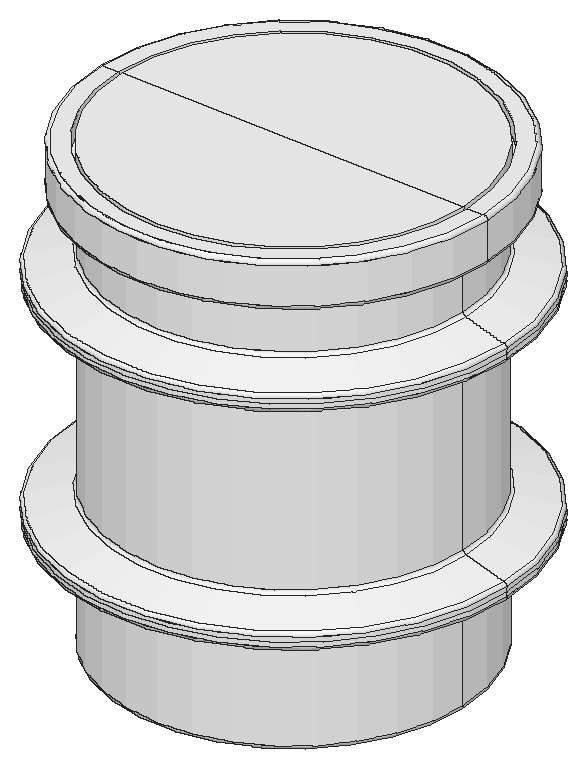
Revit family "C1300-MF", category Plumbing Fixtures, host Face, Revit 2022
Family settings
  Host = Face
  Round Connector Dimension = Use Radius
  Part Type = Normal
  OmniClass Number = 23.45.55.21
  OmniClass Title = Drains (Wastes)
  Cut with Voids When Loaded = No
  Maintain Annotation Orientation = No
  Shared = No
  Room Calculation Point = No
Parameters
  WFU = 0
  URL = "WWW.MIFAB.COM"
  Strainer Radius = Stainer Diameter / 2  # 5.000"
  Stainer Diameter = 10.000"
  Pipe Radius = Pipe Diameter / 2  # 4.375"
  Pipe Diameter = 8.750"
  Model = "C1300-MF"
  Manufacturer = "MIFAB"
  Floor Drain Material = Paint - Sherwin Williams Paint - #952C2A - Bellwood Red
  Description = "HEAVY DUTY ACCESS HOUSING WITH ANCHOR FLANGES"
  Default Elevation = 0.000"
  Body Height = 11.625"
Reference planes (in)
  plane 1 "Center (Front/Back)": y = 0
  plane 2: z = 0
  plane 3 "Center (Left/Right)": x = 0
  plane 4: x = -5
  plane 5: x = 5
  plane 6: z = -11.625
  plane 7: x = -4.375
  plane 8: x = 4.375
  plane 9: x = -2.31968
  plane 10: x = 2.31968
Forms (in)
  Revolve 1, solid, material "Paint - Sherwin Williams Paint - #952C2A - Bellwood Red" <- "Floor Drain Material"
    sketch origin (0, 0, 0) x (1, 0, 0) y (0, 0, 1)
      loop
        arc (4.275, -11.625) -> (4.34571, -11.59571) -> (4.375, -11.525) r 0.1
        line (4.375, -11.525) -> (4.375, -9.07601)
        arc (4.375, -9.07601) -> (4.39539, -9.0155) -> (4.44824, -8.97966) r 0.1
        line (4.44824, -8.97966) -> (5.42676, -8.70784)
        arc (5.42676, -8.70784) -> (5.47961, -8.672) -> (5.5, -8.61149) r 0.1
        line (5.5, -8.61149) -> (5.5, -8.5) -> (5.5, -8.38851)
        arc (5.5, -8.38851) -> (5.47961, -8.328) -> (5.42676, -8.29216) r 0.1
        line (5.42676, -8.29216) -> (4.44824, -8.02034)
        arc (4.44824, -8.02034) -> (4.39539, -7.9845) -> (4.375, -7.92399) r 0.1
        line (4.375, -7.92399) -> (4.375, -3.57601)
        arc (4.375, -3.57601) -> (4.39539, -3.5155) -> (4.44824, -3.47966) r 0.1
        line (4.44824, -3.47966) -> (5.42676, -3.20784)
        arc (5.42676, -3.20784) -> (5.47961, -3.172) -> (5.5, -3.11149) r 0.1
        line (5.5, -3.11149) -> (5.5, -3) -> (5.5, -2.88851)
        arc (5.5, -2.88851) -> (5.47961, -2.828) -> (5.42676, -2.79216) r 0.1
        line (5.42676, -2.79216) -> (4.44824, -2.52034)
        arc (4.44824, -2.52034) -> (4.39539, -2.4845) -> (4.375, -2.42399) r 0.1
        line (4.375, -2.42399) -> (4.375, -1.225)
        arc (4.375, -1.225) -> (4.40429, -1.15429) -> (4.475, -1.125) r 0.1
        line (4.475, -1.125) -> (4.9, -1.125)
        arc (4.9, -1.125) -> (4.97071, -1.09571) -> (5, -1.025) r 0.1
        line (5, -1.025) -> (5, -0.1)
        arc (5, -0.1) -> (4.97071, -0.02929) -> (4.9, 0) r 0.1
        line (4.9, 0) -> (4.5, 0) -> (4.5, -0.425) -> (4, -0.425) -> (4, -11.625) -> (4.275, -11.625)
      axis (0, 0) -> (0, -11.625)
    angle from 0 to 360
  Revolve 2, solid, material "Paint - Sherwin Williams Paint - #952C2A - Bellwood Red" <- "Floor Drain Material"
    sketch origin (0, 0, 0) x (1, 0, 0) y (0, 0, 1)
      loop
        line (0, 0) -> (0, -0.425) -> (4.4, -0.425) -> (4.4, 0) -> (0, 0)
      axis (0, 0) -> (0, -0.425)
    angle from 0 to 360
Lines and regions (in)
  symbolic lines
    curve 1: circle (0, 0, 0) r 5 normal (0, 0, 1)
  symbolic lines, style "PlumbingFixtures"
    curve 2: circle (0, 0, 0) r 1.00382 normal (0, 0, 1)
Dimensions and locks (in)
  equal spacing: plane 5, plane 3 "Center (Left/Right)", plane 4
  "Stainer Diameter": plane 5 to plane 4
  equal spacing: plane 8, plane 3 "Center (Left/Right)", plane 7
  "Pipe Diameter": plane 8 to plane 7
  "Body Height": host face to plane 6
  locked: Revolve 2 sketch curve to Revolve 1 at 0.1
  "Strainer Radius": radius of curve 1
  aligned and locked: plane 2 to host face
  aligned and locked: level to host face
  aligned and locked: plane 1 "Center (Front/Back)" to curve 1
  aligned and locked: plane 3 "Center (Left/Right)" to curve 1
  aligned and locked: Revolve 1 sketch curve to plane 3 "Center (Left/Right)"
  aligned and locked: plane 8 to Revolve 1 sketch curve  (x3)
  aligned and locked: Revolve 2 sketch curve to host face
  aligned and locked: plane 3 "Center (Left/Right)" to Revolve 2 sketch curve
  aligned and locked: Revolve 1 to Revolve 2 sketch curve
Automatic sketch dimensions
  host sketch curve to host sketch curve = 96.000"  (x2)
  Revolve 1 sketch curve to plane 6 = 0.000"  (x2)
  Revolve 1 sketch curve to level = 0.000"
  plane 8 to Revolve 1 sketch curve = 0.375"
  plane 6 to Revolve 1 sketch curve = 0.100"
  Revolve 1 sketch curve to plane 8 = 0.07324"  (x4)
  Revolve 1 sketch curve to plane 8 = 0.100"  (x5)
  Revolve 1 sketch curve to plane 8 = 0.125"
  plane 5 to Revolve 1 sketch curve = 0.100"
  Revolve 1 sketch curve to plane 5 = 0.42676"  (x2)
  Revolve 1 sketch curve to Revolve 1 sketch curve = 0.000"  (x2)
  Revolve 1 sketch curve to Revolve 1 sketch curve = 0.07324"  (x2)
  Revolve 1 sketch curve to Revolve 1 sketch curve = 0.100"  (x2)
  Revolve 1 sketch curve to Revolve 1 sketch curve = 0.02676"  (x3)
  Revolve 1 sketch curve to Revolve 1 sketch curve = 2.44899"
  Revolve 1 sketch curve to Revolve 1 sketch curve = 0.27181"  (x2)
  Revolve 1 sketch curve to Revolve 1 sketch curve = 0.11149"  (x4)
  Revolve 1 sketch curve to Revolve 1 sketch curve = 0.95931"  (x2)
  Revolve 1 sketch curve to Revolve 1 sketch curve = 3.47601"
  Revolve 1 sketch curve to Revolve 1 sketch curve = 1.19899"
  Revolve 1 sketch curve to level = 0.425"
  Revolve 1 sketch curve to Revolve 1 sketch curve = 2.28839"
  plane 5 to Revolve 1 sketch curve = 0.000"
  Revolve 2 sketch curve to plane 3 "Center (Left/Right)" = 0.000"
  Revolve 2 sketch curve to Revolve 2 sketch curve = 0.4077"
  Revolve 2 sketch curve to Revolve 2 sketch curve = 0.1943"
  curve 1 to curve 2 = 0.000"  (x2)
  plane 1 "Center (Front/Back)" to curve 2 = 0.000"
  curve 2 to plane 3 "Center (Left/Right)" = 0.000"
  radius of curve 2 = 1.00382"
Connectors (in)
  piping at (0, 0, -11.625), diameter 8.75, driven by "Pipe Radius"
    settings: on Revolve 1, index 1, connector inside diameter 8 3/4", connector length 0.000", flow factor 0, pipe flow 0 GPM, pressure drop 0.00 psi, fitting loss kfactor 0, connector angle 0.00°, fixture units 0, engagement length 0.000", angle of deflection 0.00°, flow configuration 0, flow direction 0, fitting loss method 0, system type 7, joint type 0, gender type 0, connector reference index -1, connector utility 0, adjustable connector no, is connector primary yes, connector description ""
